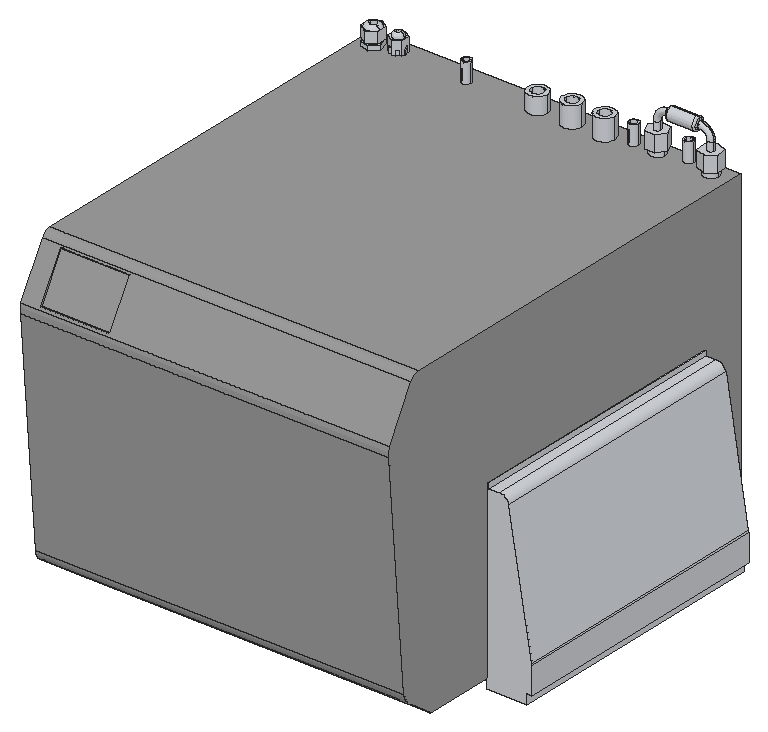
Revit family "BC Base unit - 5261UK", category Generic Models, Revit 2013
Parameters (values of type "Boiling, chilled and filtered - 5261UK Base unit")
  Wireless (WIFI) = "Yes"
  Weekly Maintenance (or SFG20 Codes) = ""
  Warranty ID = ""
  Classic HydroTap Clearance ( if fitted to font + ext ) = "222mm"
  Responsible Sourcing of Materials = ""
  Responsible Extraction of Materials = ""
  Quarterly Maintenance (or SFG20 Codes) = ""
  Overall Length = "470mm"
  WRAS Approved = "Yes"
  Power Supply (Voltage) = "230V (50~60Hz)"
  URL = "www.zipindustries.co.uk"
  Type Comments = "Water Boiler and Chiller (Potable)"
  Supply Phase = "1 Phase"
  Shape = "Rectangular"
  O&M Manual (Manufacturer O&M Data) = ""
  Monthly Maintenance (or SFG20 Codes) = ""
  Maximum Stored Water Temperature = "98°C"
  Material Ingredient Reporting = ""
  Maintenance Required 8001-12000hrs (Maintenance required in this time frame) = ""
  Maintenance Required 601-1000hrs (Maintenance tasks required in this time frame) = ""
  Maintenance Required 40001-8000hrs (Maintenance tasks required in this time frame) = ""
  Maintenance Required 301-600hrs (Maintenance Tasks required in this time frame) = ""
  Maintenance Required 2001-4000hrs (Maintenance tasks required in this time frame) = ""
  Maintenance Required 1001-2000hrs (Maintenance tasks required in this time frame) = ""
  Maintenance Required 0-300hrs (Maintenance Tasks required in this time frame) = ""
  Location of Manufacturer = "Australia"
  Life Cycle Analysis = ""
  Heat Up Time = ""
  Programmable Safety Features = "Yes"
  Programmable Function Parameters = "Yes"
  Product Range = "Floor Mounted"
  Overall Width = "450mm"
  Overall Height = "335mm"
  Type = "Vented / Non-vented (depending on pipe work arrangement)"
  Net Weight = "28.0 kg"
  Internal Filter (if fitted) = "Yes"
  Gross Weight (When Full) = ""
  Green Guide for Specification = ""
  Model = "5261UK"
  Standby Power Loss (idle mode) = ""
  Nominal Flow Rate (Boiling) = ""
  Volume Dispensed per hour = ""
  Expected Life = ""
  Environmental Product Declaration = ""
  Energy Technology List = ""
  Embodied Carbon = ""
  Daily Maintenance (or SFG20 Codes) = ""
  Cable Length and size (If Fitted) = "3.0m"
  Single Instance Draw off Volume = ""
  Recovery Volume per Minute = ""
  Mains Water Connection = "1/2\" BSP"
  Manufacturer = "Zip Industries(UK) Ltd"
  Keynote = ""
  Mains Water Pressure _ Minimum = "0.17 MPa (1.7 bar)"
  Mains Water Pressure _ Maximum = "0.7 MPa (7 bar)"
  Mains Pressure Limiting Valve = "not included"
  Enclosure Rating = "N/A"
  Button Interface = "no"
  Bespoke Timeframe Maintenance (or SFG20 Codes) = ""
  Base Unit Finish = "white Enamel"
  Backflow Prevention Valve = "Not Included"
  Tank Construction Material = "Stainless steel"
  Insulation Material = "High Density PE"
  Power Rating = "2.2A"
  Capacity = "26.7 Litres"
  Features = ""
  Description = ""
  Control Thermostat Range = ""
  BMS Links = "No"
  Assembly Code = ""
  Unit Access Clearance right = "50mm"
  Unit Access Clearance Top = "200mm"
  Unit Access Clearance Rear = "N/A"
  Unit Access Clearance Left = "50mm"
  Unit Access Clearance Front = "N/A"
  Unit Access Clearance Bottom = "N/A"
  Annually Maintenance (or SFG20 Codes) = ""
  6 Monthly Maintenance (or SFG20 Codes) = ""
Reference planes
  plane 1 "Center (Front/Back)": y = 0
  plane 2: z = 0
  plane 3 "Center (Left/Right)": x = 0
  plane 4 "aa": x = 65.65
  plane 5 "sa": y = 104.477
Forms (mm)
  Extrusion 1, solid, material "Default"
    sketch origin (0, 0, 0) x (0, 1, 0) y (0, 0, 1)
      loop
        arc (-226.56, 176.233) -> (-232.568, 174.621) -> (-236.961, 170.217) r 12
        line (-236.961, 170.217) -> (-265.416, 120.76)
        arc (-265.416, 120.76) -> (-266.555, 115.812) -> (-266.647, 110.735) r 24.454
        line (-266.647, 110.735) -> (-246.263, -126.173)
        arc (-246.263, -126.173) -> (-243.661, -133.25) -> (-238.074, -138.315) r 15.795
        line (-238.074, -138.315) -> (-210.458, -158.767) -> (205.1, -158.767) -> (205.1, 176.233) -> (-226.56, 176.233)
    from -197.5 to 197.5
  Extrusion 2, solid
    sketch origin (-197.5, 0, 0) x (0, 0, 1) y (0, 1, 0)
      loop
        arc (158.25, -36.359) -> (153.857, -25.752) -> (143.25, -21.358) r 15
        line (143.25, -21.358) -> (-84.75, -21.358)
        arc (-84.75, -21.358) -> (-95.356, -25.752) -> (-99.75, -36.358) r 15
        line (-99.75, -36.358) -> (-99.75, -181.358)
        arc (-99.75, -181.358) -> (-95.356, -191.965) -> (-84.75, -196.358) r 15
        line (-84.75, -196.358) -> (143.248, -196.358)
        arc (143.248, -196.358) -> (153.855, -191.965) -> (158.248, -181.359) r 15
        line (158.248, -181.359) -> (158.25, -36.359)
      loop
        line (-26.25, -31.358) -> (-26.25, -100.858) -> (26.25, -100.858) -> (26.25, -31.358) -> (-26.25, -31.358)
      loop
        line (32.25, -31.358) -> (32.25, -100.858) -> (84.75, -100.858) -> (84.75, -31.358) -> (32.25, -31.358)
      loop
        arc (148.25, -36.358) -> (146.786, -32.823) -> (143.25, -31.358) r 5
        line (143.25, -31.358) -> (90.75, -31.358) -> (90.75, -100.858) -> (148.249, -100.858) -> (148.25, -36.358)
      loop
        line (-32.25, -31.358) -> (-84.75, -31.358)
        arc (-84.75, -31.358) -> (-88.285, -32.823) -> (-89.75, -36.358) r 5
        line (-89.75, -36.358) -> (-89.75, -100.858) -> (-32.25, -100.858) -> (-32.25, -31.358)
      loop
        line (148.249, -106.858) -> (90.75, -106.858) -> (90.75, -186.358) -> (143.248, -186.358)
        arc (143.248, -186.358) -> (146.784, -184.894) -> (148.248, -181.358) r 5
        line (148.248, -181.358) -> (148.249, -106.858)
      loop
        line (84.75, -106.858) -> (32.25, -106.858) -> (32.249, -186.358) -> (84.75, -186.358) -> (84.75, -106.858)
      loop
        line (26.25, -106.858) -> (-26.25, -106.858) -> (-26.25, -186.358) -> (26.249, -186.358) -> (26.25, -106.858)
      loop
        line (-32.25, -106.858) -> (-89.75, -106.858) -> (-89.75, -181.358)
        arc (-89.75, -181.358) -> (-88.285, -184.894) -> (-84.75, -186.358) r 5
        line (-84.75, -186.358) -> (-32.25, -186.358) -> (-32.25, -106.858)
    from 0 to 2
  Extrusion 3, solid
    sketch origin (0, 0, 0) x (1, 0, 0) y (0, 0, 1)
      loop
        line (197.5, 29.316) -> (197.5, -168.699) -> (240.5, -168.699) -> (240.5, -158.783) -> (245.487, -158.783) -> (245.487, -129.512)
        arc (245.487, -129.512) -> (245.47, -128.71) -> (245.375, -127.913) r 8.171
        line (245.375, -127.913) -> (220.954, 16.018)
        arc (220.954, 16.018) -> (217.529, 21.949) -> (211.094, 24.291) r 10.012
        line (211.094, 24.291) -> (199.481, 24.291) -> (199.481, 29.316) -> (197.5, 29.316)
    from -155.023 to 134.977
  Extrusion 4, solid
    sketch origin (0, 0, 0) x (1, 0, 0) y (0, 1, 0)
      loop
        circle (67.652, 185.056) r 6.5
      loop
        circle (67.652, 185.056) r 10.5
      loop
        circle (32.554, 185.056) r 6.5
      loop
        circle (32.627, 184.908) r 10.5
    from 176.269 to 198.117
  Extrusion 5, solid
    sketch origin (0, 0, 0) x (1, 0, 0) y (0, 1, 0)
      loop
        circle (94.509, 190.133) r 3.75
      loop
        circle (94.509, 190.133) r 5
      loop
        circle (149.107, 196.166) r 3.75
      loop
        circle (149.107, 196.166) r 5
    from 176.269 to 196.319
  Extrusion 6, solid
    sketch origin (0, 0, 0) x (1, 0, 0) y (0, 1, 0)
      loop
        circle (120.41, 189.986) r 8
      loop
        circle (177.583, 190.059) r 8
    from 176.269 to 182.255
  Extrusion 7, solid
    sketch origin (0, 0, 176.271) x (1, 0, 0) y (0, 1, 0)
      loop
        circle (-4.458, 185.129) r 6.5
      loop
        circle (-4.458, 185.129) r 10.5
    from 0 to 17.714
  Sweep 8, solid
    path origin (0, 190.059, 0) x (-1, 0, 0) y (0, 0, 1)
      loop
        line (-177.492, 199.269) -> (-177.492, 208.019)
        arc (-177.492, 208.019) -> (-174.236, 215.878) -> (-166.377, 219.133) r 11.115
        line (-166.377, 219.133) -> (-131.377, 219.133)
        arc (-131.377, 219.133) -> (-123.35, 215.808) -> (-120.024, 207.781) r 11.352
        line (-120.024, 207.781) -> (-120.024, 199.269)
    profile origin (177.492, 190.059, 203.644) x (1, 0, 0) y (0, 1, 0)
      loop
        circle (0, 0) r 3.311
  Revolve 9, solid
    sketch origin (0, 190.059, 0) x (-1, 0, 0) y (0, 0, 1)
      loop
        line (-164.5, 219.184) -> (-133.496, 219.184) -> (-133.496, 224.064)
        arc (-133.496, 224.064) -> (-134.054, 225.411) -> (-135.401, 225.969) r 1.905
        line (-135.401, 225.969) -> (-162.727, 225.969)
        arc (-162.727, 225.969) -> (-163.981, 225.449) -> (-164.5, 224.196) r 1.773
        line (-164.5, 224.196) -> (-164.5, 219.184)
      axis (-164.5, 219.184) -> (-133.496, 219.184)
    angle from 0 to 360
  Extrusion 10, solid
    sketch origin (0, 0, 176.271) x (1, 0, 0) y (0, 1, 0)
      loop
        line (109.017, 190.388) -> (114.421, 180.248) -> (125.904, 179.859) -> (131.983, 189.608) -> (126.579, 199.747) -> (115.096, 200.137) -> (109.017, 190.388)
      loop
        line (168.347, 183.053) -> (178.938, 178.599) -> (188.091, 185.544) -> (186.653, 196.943) -> (176.062, 201.397) -> (166.909, 194.452) -> (168.347, 183.053)
    from 6.001 to 22.998
  Extrusion 11, solid
    sketch origin (0, 0, 176.271) x (1, 0, 0) y (0, 1, 0)
      loop
        circle (-180.555, 185.107) r 8
      loop
        circle (-157.526, 190.187) r 5.612
    from 4.998 to 7
  Extrusion 12, solid
    sketch origin (0, 0, 176.271) x (1, 0, 0) y (0, 1, 0)
      loop
        line (-191.074, 187.695) -> (-188.121, 177.19) -> (-177.547, 174.495) -> (-169.926, 182.304) -> (-172.879, 192.809) -> (-183.453, 195.504) -> (-191.074, 187.695)
    from -0.038 to 4.997
  Extrusion 13, solid
    sketch origin (0, 0, 176.271) x (1, 0, 0) y (0, 1, 0)
      loop
        line (-161.304, 197.795) -> (-166.13, 190.673) -> (-162.376, 182.933) -> (-153.796, 182.315) -> (-148.97, 189.436) -> (-152.724, 197.176) -> (-161.304, 197.795)
    from -0.038 to 5
  Extrusion 14, solid
    sketch origin (0, 0, 176.271) x (1, 0, 0) y (0, 1, 0)
      loop
        line (-180.5, 195.91) -> (-189.95, 190.454) -> (-189.95, 179.542) -> (-180.5, 174.086) -> (-171.05, 179.542) -> (-171.05, 190.454) -> (-180.5, 195.91)
    from 7.001 to 17.999
  Revolve 15, solid
    sketch origin (33.268, 130.506, 0) x (-0.969011, 0.247019, 0) y (0, 0, 1)
      loop
        line (224.719, 197.34) -> (224.719, 194.271) -> (229.034, 194.271)
        arc (229.034, 194.271) -> (227.328, 196.44) -> (224.719, 197.34) r 4.888
      axis (220.622, 194.271) -> (220.622, 197.34)
    angle from 0 to 360
  Extrusion 16, solid
    sketch origin (0, 0, 176.271) x (1, 0, 0) y (0, 1, 0)
      loop
        line (-165, 194.355) -> (-165, 185.753) -> (-157.55, 181.451) -> (-150.1, 185.753) -> (-150.1, 194.355) -> (-157.55, 198.656) -> (-165, 194.355)
    from 0 to 14.499
  Revolve 17, solid
    sketch origin (12.819, 177.77, 0) x (-0.99741, 0.071921, 0) y (0, 0, 1)
      loop
        line (173.758, 195.232) -> (173.758, 190.771) -> (176.647, 190.771)
        arc (176.647, 190.771) -> (175.868, 193.432) -> (173.758, 195.232) r 4.852
      axis (170.811, 190.771) -> (170.811, 195.232)
    angle from 0 to 360
  Extrusion 18, solid
    sketch origin (197.5, 0, 0) x (0, 0, 1) y (0, 1, 0)
      loop
        line (-158.783, 155.023) -> (29.363, 155.023)
        arc (29.363, 155.023) -> (28.488, 157.136) -> (26.376, 158.011) r 2.988
        line (26.376, 158.011) -> (-158.783, 158.011) -> (-158.783, 155.023)
      loop
        line (-158.783, -134.977) -> (-158.783, -137.366) -> (26.505, -137.366)
        arc (26.505, -137.366) -> (28.334, -136.686) -> (29.275, -134.977) r 2.8
        line (29.275, -134.977) -> (-158.783, -134.977)
    from 0 to 30
  Extrusion 19, void
    sketch origin (-115.408, 0, 0) x (0, 0, 1) y (0, -1, 0)
      loop
        line (168.451, 237.978) -> (123.158, 264.036) -> (123.158, 262.381) -> (167.4, 236.927) -> (168.451, 237.978)
    from -62.14 to 11.998
  Extrusion 20, solid
    sketch origin (0, 0, 176.271) x (1, 0, 0) y (0, 1, 0)
      loop
        circle (-81.051, 185.365) r 5
      loop
        circle (-81.051, 185.365) r 3.5
    from 0 to 20.5
Cuts and joins
  Extrusion 19 cuts Extrusion 1
Dimensions and locks
  radius of Sweep 8 sketch curve = 3.311 mm
  aligned and locked: level to plane 2
